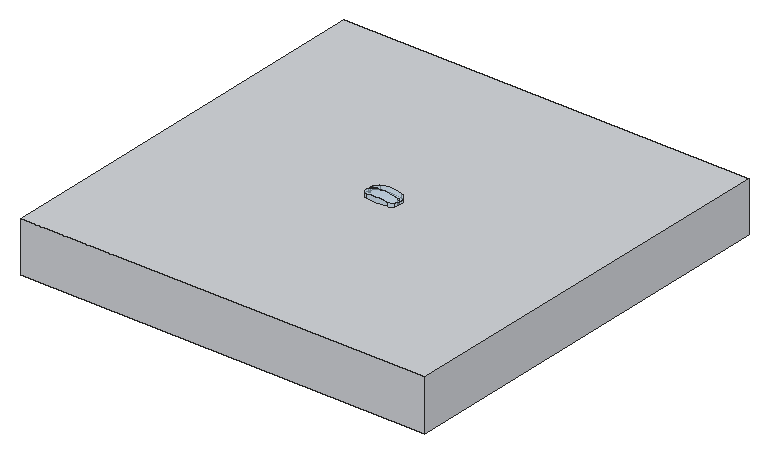
Revit family "GALAD Блистер LED", category Осветительные приборы, Revit 2018 (continued)
Parameters (values of type "GALAD Блистер LED-9 ECO IP30")
    .66 277.00 273.05 268.55 263.33 257.98 251.64 244.59 237.41 229.94 221.77 213.17 203.88 194.58 184.43 174.01 163.72 153.01 141.32 129.76 118.63 106.94 95.25 83.97 72.84 62.28 52.55 43.96 36.07 29.02 22.97 17.75 13.24 9.02 7.61 6.48 5.78 5.35 5.07 4.79 4.65 4.37 3.95 3.10 2.68 2.54 2.40 2.25 2.11 1.97 1.83 1.69 1.69 1.55 1.41 1.55 1.97 2.54 3.10 3.52 3.80 3.95 3.95 3.80 3.66 3.38 1.27 0.14 \r\n287.28 287.28 287.14 285.45 283.34 280.52 277.00 273.20 268.41 263.33 257.98 251.36 244.88 237.55 229.80 221.35 213.17 203.59 194.01 184.29 173.86 163.44 152.45 141.04 129.76 118.21 106.52 94.96 83.41 72.28 61.71 52.13 43.40 35.65 28.60 22.40 17.19 12.26 8.45 6.48 5.64 5.07 4.65 4.51 4.37 4.23 3.95 3.52 2.82 2.40 2.25 2.11 1.97 1.83 1.69 1.69 1.55 1.55 1.41 1.27 1.41 1.83 2.40 2.96 3.52 3.95 3.95 3.95 3.80 3.66 3.38 1.27 0.14 \r\n287.28 287.28 287.28 285.59 283.48 280.52 277.00 273.20 268.26 263.33 257.98 251.07 244.73 237.41 229.80 221.06 212.75 203.59 194.01 184.15 174.01 163.16 152.31 140.90 129.76 118.07 106.23 94.68 83.13 72.00 61.57 51.99 43.25 35.51 28.60 22.12 16.91 10.85 6.20 5.92 5.07 4.51 4.23 4.09 3.95 3.80 3.66 3.10 2.54 1.97 1.97 1.83 1.69 1.69 1.55 1.55 1.41 1.41 1.27 1.27 1.41 1.83 2.40 2.96 3.52 3.95 3.95 3.95 3.80 3.66 3.52 1.41 0.14 \r\n287.28 287.43 287.28 285.59 283.48 280.52 277.00 273.34 268.41 263.19 257.98 251.07 244.73 237.27 229.66 221.21 212.47 203.59 194.29 184.01 173.86 163.16 152.17 140.90 129.48 117.93 106.23 94.40 83.13 71.86 61.29 51.71 43.11 35.36 28.60 21.98 16.77 11.41 6.06 5.35 4.51 4.09 3.80 3.66 3.52 3.52 3.38 2.82 2.25 1.83 1.69 1.69 1.55 1.55 1.41 1.41 1.41 1.27 1.27 1.27 1.27 1.83 2.40 2.96 3.66 3.95 4.09 3.95 3.80 3.66 3.52 1.41 0.14 \r\n287.28 287.43 287.43 285.74 283.48 280.52 277.14 273.48 268.55 263.47 257.84 251.36 244.88 237.13 229.66 221.35 212.47 203.59 194.01 184.15 173.72 163.30 152.31 140.75 129.76 118.07 106.38 94.68 83.13 72.14 61.57 51.85 43.11 35.22 28.60 22.26 16.91 12.12 6.76 5.64 4.65 4.09 3.80 3.66 3.52 3.38 3.24 2.82 2.11 1.83 1.69 1.69 1.55 1.55 1.41 1.41 1.41 1.27 1.27 1.13 1.41 1.83 2.40 2.96 3.66 3.95 3.95 3.95 3.80 3.66 3.38 1.41 0.14 \r\n287.28 287.43 287.43 285.74 283.48 280.66 277.14 273.48 268.41 263.47 257.70 251.50 244.88 237.27 229.94 221.77 212.89 204.02 194.29 184.57 174.01 163.58 152.73 141.32 130.05 118.49 106.52 95.10 83.55 72.28 61.85 52.13 43.25 35.51 28.74 22.40 17.19 12.40 7.47 6.06 5.35 4.79 4.37 4.09 3.95 3.80 3.52 3.10 2.40 1.97 1.83 1.69 1.69 1.55 1.55 1.41 1.41 1.27 1.27 1.27 1.41 1.83 2.40 3.10 3.66 3.95 3.95 3.95 3.80 3.66 3.38 1.41 0.14 \r\n287.28 287.57 287.43 285.88 283.48 280.80 277.14 273.34 268.41 263.61 257.84 251.50 245.16 237.55 230.08 222.05 213.32 204.16 194.44 184.43 174.43 163.86 153.15 141.74 130.19 118.77 107.36 95.39 84.11 72.84 62.28 52.69 43.82 36.07 29.02 22.82 17.75 12.40 8.59 7.47 6.20 5.35 4.93 4.65 4.37 4.23 3.95 3.52 2.82 2.25 2.11 1.97 1.83 1.69 1.69 1.55 1.41 1.41 1.27 1.27 1.41 1.83 2.40 3.10 3.66 3.95 3.95 3.95 3.80 3.66 3.38 1.41 0.14 \r\n287.28 287.57 287.43 285.88 283.62 280.80 277.14 273.05 268.69 263.76 257.98 251.64 245.58 237.83 230.22 222.19 213.60 204.16 194.86 185.00 174.85 164.42 153.15 142.30 130.75 119.20 107.64 95.95 84.54 73.41 62.84 53.12 44.24 36.49 29.59 23.39 18.18 13.39 9.86 7.61 6.76 6.06 5.64 5.21 5.07 4.79 4.51 3.80 3.10 2.68 2.54 2.40 2.11 1.97 1.83 1.69 1.69 1.55 1.41 1.41 1.55 1.97 2.54 3.10 3.66 3.95 3.95 3.95 3.80 3.66 3.38 1.41 0.14 \r\n287.28 287.71 287.43 286.02 283.62 280.80 277.14 273.20 268.97 263.90 258.26 252.06 245.58 237.97 230.65 222.61 214.02 204.72 195.28 185.70 175.27 164.71 153.72 142.73 131.60 119.90 108.21 96.65 85.38 74.25 63.68 53.96 45.09 37.20 30.29 24.09 19.02 14.51 10.43 8.59 7.47 6.76 6.34 5.92 5.64 5.35 4.93 4.37 3.52 3.10 2.82 2.68 2.40 2.25 2.11 1.97 1.83 1.69 1.55 1.55 1.69 1.97 2.54 3.10 3.66 3.95 3.95 3.95 3.80 3.66 3.38 1.41 0.14 \r\n287.28 287.71 287.43 286.02 283.48 280.94 277.42 273.48 269.25 264.18 258.40 252.48 245.72 238.25 230.93 222.76 214.30 205.28 195.84 186.26 175.84 165.13 154.42 143.29 131.88 120.61 109.05 97.50 86.09 75.10 64.39 54.81 45.79 37.90 31.00 24.94 19.58 15.36 11.69 9.02 7.89 7.47 7.04 6.62 6.34 5.92 5.49 4.79 3.95 3.66 3.38 3.10 2.82 2.54 2.40 2.11 1.97 1.83 1.69 1.69 1.69 2.11 2.68 3.24 3.66 3.95 3.95 3.95 3.80 3.66 3.38 1.41 0.14 \r\n287.28 287.71 287.43 285.88 283.62 281.09 277.70 273.62 269.39 264.32 258.68 252.62 246.14 238.82 231.49 222.90 214.72 205.71 196.13 186.55 176.40 165.83 155.13 144.14 132.72 121.17 109.76 98.20 86.93 76.08 65.52 55.79 46.92 38.89 31.84 25.78 20.57 16.20 12.54 9.86 8.59 8.17 7.61 7.33 7.04 6.62 6.06 5.35 4.51 4.23 3.80 3.52 3.24 2.96 2.68 2.40 2.11 1.97 1.83 1.69 1.83 2.25 2.68 3.24 3.66 3.95 3.95 3.95 3.80 3.66 3.38 1.41 0.14 \r\n287.28 287.85 287.43 285.88 283.76 281.09 277.85 273.76 269.39 264.46 259.11 252.62 246.43 239.24 231.91 223.46 215.29 206.41 196.83 187.11 176.96 166.54 155.69 144.84 133.57 122.16 110.60 99.19 87.92 76.65 66.36 56.64 47.76 39.73 32.69 26.63 21.28 17.05 13.53 10.71 9.16 8.74 8.45 8.03 7.61 7.19 6.62 5.78 5.07 4.79 4.37 4.09 3.66 3.38 2.96 2.68 2.40 2.11 1.97 1.83 1.97 2.40 2.82 3.38 3.80 3.95 3.95 3.95 3.80 3.52 3.38 1.41 0.14 \r\n287.28 287.85 287.43 285.88 283.90 280.94 277.85 273.90 269.67 264.88 258.97 253.05 246.85 239.38 232.20 224.16 215.43 206.97 197.39 187.95 177.53 167.10 156.39 145.54 134.27 123.00 111.31 99.89 88.48 77.49 67.21 57.63 48.75 40.72 33.67 27.47 22.40 18.03 14.51 11.69 9.86 9.44 9.16 8.88 8.31 7.89 7.33 6.34 5.78 5.35 4.93 4.51 4.09 3.66 3.38 2.96 2.68 2.40 2.11 1.97 2.25 2.54 2.96 3.38 3.80 3.95 3.95 3.95 3.80 3.52 3.38 1.41 0.14 \r\n287.28 287.99 287.43 285.88 283.90 280.94 277.85 273.90 270.10 265.02 259.25 253.47 247.27 239.94 232.62 224.59 216.13 207.26 197.96 188.38 178.23 167.52 157.10 145.97 134.84 123.56 112.15 100.74 89.47 78.48 68.19 58.61 49.74 41.70 34.66 28.46 23.25 18.88 15.36 12.54 10.57 10.00 9.86 9.58 9.16 8.45 7.75 6.90 6.34 5.78 5.35 4.93 4.65 4.23 3.80 3.38 2.96 2.68 2.25 2.25 2.40 2.68 3.10 3.52 3.80 3.95 3.95 3.95 3.80 3.52 3.38 1.41 0.14 \r\n287.28 287.99 287.43 285.88 283.90 281.23 277.99 274.18 270.24 265.16 259.81 253.75 247.55 240.37 232.76 225.01 216.70 207.82 198.66 188.94 178.65 168.37 158.08 146.95 135.54 124.41 112.86 101.59 90.60 79.75 69.32 59.60 50.72 42.83 35.65 29.45 24.23 19.87 16.34 13.53 11.41 10.71 10.43 10.29 9.86 9.16 8.31 7.33 6.76 6.34 5.92 5.49 4.93 4.51 4.09 3.66 3.38 2.96 2.54 2.40 2.54 2.82 3.24 3.66 3.95 3.95 3.95 3.95 3.80 3.52 3.38 1.55 0.14 \r\n287.28 288.13 287.57 285.88 284.04 281.37 278.27 274.46 270.38 265.45 260.09 254.17 247.83 240.65 233.32 225.57 217.12 208.38 199.08 189.22 179.50 169.21 158.37 147.38 136.53 125.11 113.84 102.43 91.30 80.73 70.31 60.58 51.85 43.82 36.63 30.43 25.08 20.71 17.19 14.37 12.26 11.13 10.99 10.99 10.71 10.00 8.88 7.89 7.33 6.90 6.34 5.92 5.35 4.93 4.51 4.09 3.66 3.24 2.82 2.68 2.82 3.10 3.38 3.66 3.95 3.95 3.95 3.95 3.80 3.52 3.38 1.55 0.14 \r\n287.28 288.13 287.57 286.02 284.04 281.65 278.55 274.75 270.38 265.59 260.23 254.32 248.12 241.21 233.60 226.14 217.68 208.81 199.65 190.07 180.06 169.78 159.07 148.36 137.23 126.10 114.55 103.28 92.29 81.44 71.15 61.57 52.84 44.80 37.62 31.42 26.07 21.70 18.18 15.36 13.24 11.69 11.55 11.55 11.41 10.85 9.72 8.59 7.89 7.33 6.76 6.20 5.78 5.21 4.79 4.37 3.95 3.52 3.24 3.10 3.10 3.24 3.52 3.80 3.95 3.95 3.95 3.80 3.66 3.52 3.38 1.55 0.14 \r\n287.28 288.27 287.71 286.16 284.33 281.79 278.69 274.89 270.66 266.01 260.66 254.60 248.68 241.63 234.17 226.42 217.96 209.51 200.21 190.91 180.77 170.48 159.77 148.93 137.80 126.66 115.39 104.12 93.13 82.56 72.28 62.70 53.96 45.79 38.61 32.41 27.05 22.68 19.16 16.20 13.95 12.26 11.69 11.98 11.98 11.41 10.57 9.44 8.45 7.89 7.19 6.62 6.06 5.64 5.07 4.65 4.23 3.80 3.52 3.52 3.52 3.52 3.66 3.80 3.95 4.09 3.95 3.80 3.66 3.52 3.38 1.55 0.14 \r\n287.28 288.27 287.71 286.30 284.47 281.79 278.69 275.03 270.94 266.29 260.94 255.16 248.96 242.06 234.73 226.84 218.67 209.93 200.78 191.34 181.33 171.33 160.62 149.91 138.64 127.51 116.38 105.11 94.12 83.41 73.27 63.68 54.95 46.78 39.73 33.39 28.04 23.67 20.01 17.05 14.79 13.10 12.26 12.40 12.54 11.98 11.27 10.14 9.16 8.17 7.47 6.90 6.48 5.92 5.35 4.93 4.51 4.09 3.95 3.80 3.80 3.80 3.80 3.95 4.09 4.09 3.95 3.80 3.66 3.52 3.38 1.55 0.14 \r\n287.28 288.41 287.71 286.30 284.47 281.93 278.83 275.31 271.22 266.43 261.36 255.72 249.24 242.48 235.15 227.40 219.09 210.36 201.20 191.76 182.04 171.89 161.18 150.48 139.63 128.36 117.22 106.09 95.10 84.40 74.25 64.81 55.94 47.90 40.72 34.38 29.02 24.52 20.85 17.89 15.64 13.81 12.68 12.68 12.82 12.54 11.98 11.13 9.86 8.88 8.03 7.33 6.76 6.20 5.64 5.21 4.65 4.37 4.23 4.23 4.23 4.09 4.09 4.09 4.09 4.09 3.95 3.80 3.66 3.52 3.24 1.55 0.14 \r\n287.28 288.41 287.85 286.44 284.47 281.93 278.97 275.59 271.36 266.71 261.64 255.87 249.67 242.76 235.44 227.97 219.66 211.06 201.90 192.46 182.60 172.46 161.89 151.04 140.33 129.20 117.79 106.66 95.81 85.10 75.10 65.66 56.78 48.89 41.70 35.36 30.01 25.50 21.70 18.74 16.34 14.65 13.39 12.96 13.39 13.24 12.68 11.84 10.57 9.30 8.31 7.61 7.04 6.48 5.92 5.35 4.93 4.65 4.65 4.65 4.65 4.51 4.37 4.23 4.09 4.09 3.95 3.80 3.66 3.52 3.24 1.41 0.14 \r\n287.28 288.55 287.99 286.44 284.61 282.07 279.39 275.87 271.79 267.14 261.78 256.01 249.81 243.33 236.00 228.39 220.22 211.62 202.61 193.31 183.30 172.88 162.45 151.74 141.04 129.76 118.49 107.64 96.94 86.37 76.08 66.64 58.05 50.02 42.83 36.49 31.00 26.49 22.68 19.58 17.19 15.36 13.95 13.24 13.67 13.81 13.24 12.26 11.13 10.00 8.88 8.03 7.33 6.76 6.20 5.64 5.21 5.07 4.93 4.93 4.93 4.79 4.51 4.37 4.23 4.09 3.95 3.80 3.66 3.52 3.24 1.41 0.14 \r\n287.28 288.55 287.99 286.44 284.61 282.21 279.68 276.15 272.07 267.56 262.35 256.85 250.37 244.03 236.70 228.95 220.78 212.47 203.17 193.73 184.01 173.86 163.58 152.73 141.88 130.75 119.62 108.63 97.64 87.21 77.21 67.77 59.04 51.00 43.82 37.48 31.98 27.33 23.39 20.29 17.89 16.06 14.65 13.81 14.09 14.23 13.53 12.68 11.55 10.43 9.16 8.31 7.61 7.04 6.48 5.92 5.64 5.35 5.35 5.35 5.21 5.07 4.79 4.51 4.23 4.09 3.95 3.80 3.66 3.52 3.24 1.41 0.14 \r\n287.28 288.69 288.13 286.58 284.75 282.35 279.82 276.30 272.07 267.84 262.77 257.42 251.07 244.45 237.13 229.38 221.49 213.17 204.02 194.29 184.71 174.57 164.14 153.43 142.59 131.60 120.47 109.48 98.63 88.34 78.34 68.76 60.02 52.13 44.95 38.46 32.97 28.18 24.23 21.13 18.60 16.63 15.22 14.23 13.95 14.23 13.95 13.10 12.12 10.99 9.72 8.59 7.89 7.19 6.62 6.20 5.92 5.78 5.78 5.64 5.49 5.35 5.07 4.65 4.23 4.09 3.95 3.80 3.52 3.38 3.24 1.41 0.14 \r\n287.28 288.69 288.13 286.72 284.89 282.49 279.68 276.44 272.35 267.98 262.91 257.56 251.36 244.73 237.55 230.08 221.77 213.17 204.30 195.00 185.14 175.27 164.99 154.14 143.01 132.16 121.03 109.90 99.05 88.76 78.90 69.46 60.87 52.84 45.65 39.17 33.67 29.02 25.08 21.84 19.30 17.19 15.78 14.65 14.23 14.37 14.09 13.39 12.40 11.27 10.14 8.88 8.03 7.33 6.76 6.48 6.20 6.20 6.06 5.92 5.78 5.64 5.21 4.79 4.37 4.09 3.95 3.66 3.52 3.38 3.10 1.41 0.14 \r\n287.28 288.83 288.27 286.72 285.03 282.64 279.82 276.58 272.77 268.41 263.05 257.56 251.50 245.02 237.83 230.36 222.33 213.88 204.72 195.28 185.70 175.70 165.13 154.56 143.71 132.44 121.45 110.74 100.04 89.61 79.75 70.45 61.85 53.96 46.78 40.30 34.66 30.01 25.92 22.54 20.01 17.89 16.20 15.08 14.37 14.51 14.37 13.53 12.54 11.55 10.29 9.16 8.17 7.61 7.19 6.90 6.62 6.48 6.34 6.20 6.06 5.78 5.35 4.93 4.51 4.09 3.95 3.66 3.52 3.38 3.10 1.41 0.14 \r\n287.28 288.83 288.41 286.86 285.03 282.78 280.10 276.86 273.05 268.55 263.33 257.84 251.78 245.16 238.11 230.65 222.61 214.30 205.28 195.99 186.55 176.26 165.69 155.13 144.42 133.43 122.44 111.73 100.88 90.45 80.59 71.29 62.56 54.53 47.48 41.14 35.51 30.57 26.49 23.11 20.43 18.32 16.77 15.50 14.51 14.37 14.23 13.53 12.54 11.55 10.57 9.44 8.45 7.89 7.47 7.33 7.04 6.90 6.76 6.62 6.34 5.92 5.49 5.07 4.51 4.09 3.95 3.66 3.52 3.38 3.10 1.41 0.14 \r\n287.28 288.83 288.55 286.86 285.17 282.92 280.38 277.00 273.20 268.55 263.61 258.12 252.06 245.72 238.54 230.93 223.32 214.58 205.71 196.41 186.69 176.68 166.40 155.83 144.98 134.27 123.14 112.01 101.44 91.16 81.30 72.14 63.54 55.65 48.47 42.13 36.49 31.56 27.33 23.95 21.13 18.88 17.19 15.78 14.65 14.23 13.95 13.39 12.54 11.69 10.71 9.72 8.74 8.17 7.89 7.61 7.33 7.19 7.04 6.76 6.48 6.06 5.64 5.07 4.51 4.09 3.80 3.66 3.52 3.38 3.10 1.41 0.14 \r\n287.28 288.83 288.69 287.14 285.17 282.92 280.38 277.14 273.20 268.69 263.76 258.26 252.20 246.14 239.24 231.35 223.46 215.15 206.13 196.83 187.25 177.25 167.10 156.68 145.69 134.70 123.71 112.86 102.15 91.86 82.14 72.98 64.39 56.36 49.17 42.69 37.06 32.12 28.04 24.52 21.70 19.44 17.61 15.92 14.51 13.95 13.81 13.39 12.54 11.69 10.85 10.00 9.16 8.59 8.31 8.03 7.75 7.47 7.19 7.04 6.62 6.20 5.78 5.21 4.65 4.09 3.80 3.66 3.52 3.38 2.96 1.27 0.14 \r\n287.28 288.83 288.83 287.28 285.17 282.92 280.38 277.14 273.34 268.97 264.32 258.68 252.62 246.28 239.24 231.77 223.60 215.43 206.69 197.53 187.81 177.81 167.38 156.82 145.97 135.26 124.41 113.56 103.14 92.85 82.99 73.83 65.23 57.34 50.16 43.68 37.90 32.97 28.74 25.08 22.26 19.87 17.89 16.06 14.51 13.53 13.24 12.96 12.40 11.69 10.99 10.29 9.58 9.02 8.59 8.31 8.03 7.75 7.47 7.19 6.76 6.34 5.92 5.21 4.65 4.09 3.80 3.52 3.52 3.38 2.96 1.27 0.14 \r\n287.28 288.83 288.98 287.43 285.45 283.06 280.38 277.14 273.48 269.25 264.60 259.25 253.33 246.85 239.66 232.20 224.16 215.99 207.26 197.96 188.24 178.23 168.09 157.52 146.81 135.96 124.97 114.12 103.42 93.27 83.69 74.39 65.80 57.91 50.72 44.24 38.46 33.53 29.31 25.64 22.68 20.29 18.03 15.92 14.23 13.24 13.24 12.96 12.40 11.69 11.13 10.57 10.00 9.30 8.88 8.59 8.17 7.89 7.47 7.19 6.90 6.48 5.92 5.35 4.65 4.09 3.80 3.52 3.38 3.38 2.96 1.27 0.14 \r\n287.28 288.83 289.12 287.71 285.59 283.20 280.52 277.42 273.62 269.53 264.74 259.11 253.47 246.99 239.94 232.62 224.73 216.41 207.54 198.52 188.80 178.65 168.65 158.08 147.24 136.39 125.68 114.83 104.40 94.26 84.40 75.24 66.64 58.75 51.57 45.09 39.31 34.24 29.87 26.21 23.25 20.71 18.60 16.20 13.95 12.54 12.26 12.40 12.26 11.84 11.41 10.85 10.29 9.58 9.16 8.74 8.45 8.03 7.61 7.33 6.90 6.48 5.92 5.35 4.79 4.23 3.80 3.52 3.38 3.38 2.82 1.27 0.14 \r\n287.28 288.83 289.12 287.85 286.02 283.62 280.80 277.56 273.90 269.67 265.02 259.53 253.47 247.13 240.23 232.76 225.15 216.98 208.10 198.80 189.22 179.50 169.07 158.65 147.94 137.09 126.10 115.39 104.69 94.54 84.82 75.66 67.21 59.32 52.13 45.65 39.87 34.80 30.29 26.63 23.53 20.99 18.88 16.48 13.95 12.26 11.84 12.26 12.40 11.98 11.55 11.13 10.43 9.86 9.30 8.88 8.45 8.03 7.61 7.33 6.90 6.48 6.06 5.49 4.79 4.23 3.66 3.52 3.38 3.38 2.82 1.27 0.14 \r\n287.28 288.83 289.12 287.99 286.16 284.04 280.94 277.70 274.04 269.67 265.02 259.81 254.03 247.69 240.79 233.18 225.43 216.98 208.38 199.23 189.64 179.78 169.78 158.93 148.08 137.51 126.66 115.96 105.39 95.25 85.52 76.37 67.77 60.02 52.69 46.21 40.58 35.36 30.86 27.05 23.95 21.42 19.16 16.63 13.95 12.26 11.41 11.84 12.26 11.98 11.55 11.13 10.71 10.00 9.44 9.02 8.59 8.17 7.75 7.33 6.90 6.62 6.06 5.49 4.79 4.23 3.66 3.52 3.38 3.38 2.68 1.13 0.14 \r\n287.28 288.83 289.12 287.99 286.44 284.33 281.37 277.99 274.32 269.81 264.88 259.81 254.32 247.69 240.79 233.46 225.57 217.26 208.67 199.51 189.93 180.06 170.06 159.49 148.79 137.94 127.09 116.38 105.95 95.67 85.95 76.79 68.47 60.58 53.26 46.78 40.86 35.79 31.28 27.47 24.37 21.84 19.58 17.19 14.23 11.98 10.99 11.41 11.98 11.69 11.13 10.99 10.57 10.00 9.44 9.02 8.59 8.17 7.75 7.33 6.90 6.48 6.06 5.49 4.79 4.23 3.66 3.52 3.38 3.38 2.68 1.13 0.14 \r\n287.28 288.69 289.12 287.99 286.44 284.61 281.65 278.41 274.75 270.24 265.45 260.23 254.32 247.83 241.21 233.89 226.00 217.82 209.09 199.93 190.49 180.63 170.48 160.06 149.21 138.50 127.79 116.94 106.38 96.09 86.51 77.49 68.90 61.01 53.68 47.20 41.56 36.35 31.70 27.76 24.66 21.98 19.44 16.63 13.81 11.55 10.43 10.99 11.69 11.55 11.27 10.99 10.71 10.14 9.44 9.02 8.74 8.17 7.75 7.33 6.90 6.62 6.06 5.49 4.79 4.23 3.66 3.52 3.38 3.38 2.68 1.13 0.14 \r\n287.28 288.69 289.12 287.99 286.44 284.47 281.79 278.83 275.45 271.22 266.29 260.94 254.88 248.12 241.35 234.17 226.28 218.11 209.65 200.35 190.63 180.91 170.76 160.34 14
    9.77 139.06 128.07 117.37 106.80 96.65 86.93 77.63 69.18 61.29 54.24 47.62 41.85 36.63 31.98 28.04 24.80 22.12 19.58 16.77 13.53 11.13 9.44 10.00 11.13 11.27 11.13 10.99 10.71 10.14 9.58 9.02 8.59 8.17 7.75 7.33 6.90 6.62 6.20 5.64 4.93 4.23 3.66 3.38 3.38 3.38 2.54 0.99 0.14 \r\n287.28 288.69 289.12 287.99 286.58 284.47 281.93 279.11 275.73 271.50 266.29 261.08 255.30 249.10 242.20 234.59 226.70 218.53 209.93 200.49 191.19 181.33 170.91 160.34 149.77 139.20 128.36 117.51 107.08 96.94 87.21 78.06 69.60 61.71 54.53 48.05 42.13 36.91 32.26 28.32 24.94 22.40 20.01 16.91 13.10 10.85 9.30 9.86 11.13 11.27 10.99 10.99 10.85 10.14 9.58 9.02 8.74 8.17 7.75 7.33 6.90 6.62 6.20 5.64 4.93 4.23 3.66 3.38 3.38 3.24 2.54 0.99 0.14 \r\n287.28 288.69 289.12 288.13 286.58 284.47 281.93 279.11 275.31 271.08 266.29 261.22 255.30 249.10 242.34 235.01 227.12 218.81 210.07 200.92 191.19 181.33 171.33 160.90 149.91 139.06 128.36 117.51 107.08 96.79 87.07 78.06 69.60 61.71 54.53 47.90 42.13 36.77 32.12 28.32 24.94 22.26 19.87 16.91 13.24 10.71 9.44 9.72 10.71 11.13 10.85 10.85 10.71 10.14 9.58 9.16 8.74 8.31 7.89 7.47 7.04 6.62 6.20 5.64 4.93 4.23 3.66 3.38 3.38 3.24 2.40 0.99 0.14 \r\n287.28 288.69 289.12 288.27 286.72 284.61 282.07 279.11 275.59 271.36 266.57 261.50 255.87 249.38 242.62 235.29 227.55 219.23 210.07 200.92 191.62 182.18 171.89 161.18 150.62 140.05 129.34 118.49 108.07 97.92 88.06 78.90 70.31 62.56 55.23 48.61 42.83 37.48 32.69 28.74 25.36 22.68 20.29 17.19 13.53 10.85 9.72 9.16 10.00 10.85 10.85 10.71 10.71 10.29 9.72 9.16 8.74 8.31 7.89 7.33 7.04 6.62 6.20 5.64 4.93 4.23 3.66 3.38 3.38 3.24 2.40 0.85 0.14 \r\n"
  Неравномерность яркости = 0
  built-in parameter 1150133 = 10 (stored number, unit not read)
  Wattage = 4.77979 W
  Материал рассеивателя = ПММА
  Материал корпуса = ПММА
  Коэффициент пульсации = "менее 5%"  # constant formula
  built-in parameter 1150139 = (empty or 0)
  Климатическое исполнение = "1…35 °С"  # constant formula
  Климатическая зона = "УХЛ4"  # constant formula
  Класс светораспределения = "П"  # constant formula
  Класс защиты от поражения электрическим током = "1"  # constant formula
  Класс Защиты = "1"  # constant formula
  built-in parameter 1150138 = (empty or 0)
  built-in parameter 1150107 = 5000 (stored number, unit not read)
  built-in parameter 1150102 = (empty or 0)
  Emit from Rectangle Width = 609.6 mm
  Emit from Rectangle Length = 1219.2 mm
  Изготовитель = "АО «КАДОШКИНСКИЙ ЭЛЕКТРОТЕХНИЧЕСКИЙ ЗАВОД»"  # constant formula
  Диапазон цветовой температуры = "5028±283"  # constant formula
  Группа модели = "Светильники"  # constant formula
  Возможный угол наклона = "0"  # constant formula
  Видимая форма излучения при визуализации = no
  Блок аварийного питания = 0 = 1  # no
  URL = "https://galad.ru/catalog/indoor/zhkh/blister/galad-blister-led-9-eco-ip30/"
  IP = "30"
  ADSK_Энергоэффективность = 79 lm/W  # constant formula
  ADSK_Ток = ADSK_Номинальная мощность / (ADSK_Коэффициент мощности * ADSK_Напряжение * sqrt(ADSK_Количество фаз))  # 0.0411899 A
  ADSK_Размер_Ширина = 118 mm
  ADSK_Размер_Длина = 200 mm
  ADSK_Размер_Высота = 40 mm
  ADSK_Примечание = ""
  ADSK_Полная мощность = ADSK_Номинальная мощность / ADSK_Коэффициент мощности  # 9.47368 VA
  ADSK_Позиция = ""
  ADSK_Обозначение = "ГОСТ 15150-69"  # constant formula
  ADSK_Номинальная мощность = 9 VA  # constant formula
  ADSK_Напряжение = 230 V  # constant formula
  ADSK_Наименование краткое = "GALAD Блистер LED-9 ECO IP30"
  ADSK_Наименование = "GALAD Блистер LED-9 ECO IP30"
  ADSK_Масса_Текст = "0.3"  # constant formula
  ADSK_Масса = 0.3  # constant formula
  ADSK_Марка = ADSK_Наименование  # "GALAD Блистер LED-9 ECO IP30"
  ADSK_Коэффициент мощности = 0.95  # constant formula
  ADSK_Количество фаз = 1  # constant formula
  ADSK_Количество = 1  # constant formula
  ADSK_Код изделия = "16443"
  ADSK_Классификация нагрузок = Освещение
  ADSK_Завод-изготовитель = Изготовитель  # "АО «КАДОШКИНСКИЙ ЭЛЕКТРОТЕХНИЧЕСКИЙ ЗАВОД»"
  ADSK_Единица измерения = "шт."  # constant formula
  ADSK_Группирование = ""
  ADSK_Версия семейства = "1.01"  # constant formula
  ADSK_Версия Revit = "2018"  # constant formula
Reference planes
  plane 1 "По центру (Вперед/Назад)": y = 0
  plane 2: z = 0
  plane 3 "По центру (Влево/Вправо)": x = 0
  plane 4: y = 59
  plane 5: y = -59
  plane 6: x = -100
  plane 7: x = 100
  plane 8: z = 40
Forms (mm)
  Extrusion 1, solid
    sketch origin (0, 0, 0) x (1, 0, 0) y (0, 1, 0)
      loop
        line (-1219.2, 1219.2) -> (-1219.2, -1219.2) -> (1219.2, -1219.2) -> (1219.2, 1219.2) -> (-1219.2, 1219.2)
    from 0 to -304.8
  Revolve 2, solid, material "ПММА" <- "Материал рассеивателя", detail levels medium+fine
    sketch origin (0, 0, 0) x (1, 0, 0) y (0, 0, 1)
      loop
        arc (135.564, 0) -> (70.67, 29.806) -> (0, 40.073) r 250.273
        line (0, 40.073) -> (0, 0) -> (135.564, 0)
      axis (0, 0) -> (0, 40.073)
    angle from 0 to 360
  Extrusion 3, void
    sketch origin (0, 0, 0) x (1, 0, 0) y (0, 1, 0)
      loop
        arc (-64.034, 53.686) -> (-79.047, 47.692) -> (-90.097, 35.894) r 37.181
        arc (-90.097, 35.894) -> (-100, 0) -> (-90.097, -35.894) r 70
        arc (-90.097, -35.894) -> (-79.047, -47.692) -> (-64.034, -53.686) r 37.181
        arc (-64.034, -53.686) -> (0, -59) -> (64.034, -53.686) r 388.497
        arc (64.034, -53.686) -> (79.047, -47.692) -> (90.097, -35.894) r 37.181
        arc (90.097, -35.894) -> (100, 0) -> (90.097, 35.894) r 70
        arc (90.097, 35.894) -> (79.047, 47.692) -> (64.034, 53.686) r 37.181
        arc (64.034, 53.686) -> (0, 59) -> (-64.034, 53.686) r 388.497
      loop
        circle (0, 0) r 135.564
    from 0 to 40
  Extrusion 4, void
    sketch origin (0, 0, 0) x (1, 0, 0) y (0, 1, 0)
      loop
        circle (-86.619, 0.012) r 5.444
      loop
        circle (86.103, 0.012) r 5.444
    from 2.001 to 40
  Extrusion 5, solid, material "ПММА" <- "Материал рассеивателя", detail levels coarse
    sketch origin (0, 0, 0) x (1, 0, 0) y (0, 1, 0)
      loop
        line (-100, 59) -> (-100, -59) -> (100, -59) -> (100, 59) -> (-100, 59)
    from 0 to 40
Cuts and joins
  Extrusion 3, Extrusion 4 cuts Revolve 2
Dimensions and locks
  equal spacing: plane 6, plane 3 "По центру (Влево/Вправо)", plane 7
  equal spacing: plane 4, plane 1 "По центру (Вперед/Назад)", plane 5
  "ADSK_Размер_Ширина": plane 4 to plane 5
  "ADSK_Размер_Длина": plane 6 to plane 7
  "ADSK_Размер_Высота": plane 8 to level
  aligned and locked: plane 2 to Extrusion 1
  aligned and locked: level to Extrusion 1
Automatic sketch dimensions
  Extrusion 1 sketch curve to Extrusion 1 sketch curve = 2438.4 mm  (x2)
  Revolve 2 sketch curve to plane 3 "По центру (Влево/Вправо)" = 0 mm  (x2)
  Revolve 2 sketch curve to level = 0 mm
  Revolve 2 sketch curve to plane 3 "По центру (Влево/Вправо)" = 0.276 mm
  plane 7 to Revolve 2 sketch curve = 35.564 mm
  Revolve 2 sketch curve to level = 210.2 mm
  Revolve 2 sketch curve to Revolve 2 sketch curve = 24.927 mm
  Revolve 2 sketch curve to Revolve 2 sketch curve = 33.127 mm
  plane 1 "По центру (Вперед/Назад)" to Extrusion 3 sketch curve = 0 mm  (x3)
  Extrusion 3 sketch curve to plane 3 "По центру (Влево/Вправо)" = 0 mm  (x3)
  Extrusion 3 sketch curve to Extrusion 3 sketch curve = 30 mm
  Extrusion 3 sketch curve to plane 1 "По центру (Вперед/Назад)" = 16.985 mm  (x2)
  Extrusion 3 sketch curve to Extrusion 3 sketch curve = 28.083 mm  (x4)
  plane 1 "По центру (Вперед/Назад)" to Extrusion 3 sketch curve = 16.985 mm  (x2)
  plane 3 "По центру (Влево/Вправо)" to Extrusion 3 sketch curve = 30 mm
  Extrusion 3 sketch curve to plane 5 = 270.497 mm
  plane 4 to Extrusion 3 sketch curve = 270.497 mm
  plane 5 to Extrusion 3 sketch curve = 5.314 mm  (x2)
  plane 6 to Extrusion 3 sketch curve = 35.966 mm
  Extrusion 3 sketch curve to plane 4 = 5.314 mm  (x2)
  Extrusion 3 sketch curve to Extrusion 3 sketch curve = 5.951 mm
  plane 6 to Extrusion 3 sketch curve = 9.903 mm
  Extrusion 3 sketch curve to plane 7 = 9.903 mm
  Extrusion 5 sketch curve to plane 5 = 0 mm
  Extrusion 5 sketch curve to plane 6 = 0 mm
  Extrusion 5 sketch curve to plane 7 = 0 mm
  Extrusion 5 sketch curve to plane 4 = 0 mm
  radius of Extrusion 3 sketch curve = 135.564 mm
Connectors
  electrical at (0, 0, 0), driven by "ADSK_Классификация нагрузок", driven by "ADSK_Напряжение", driven by "ADSK_Полная мощность", driven by "ADSK_Коэффициент мощности"
    settings: index 1, voltage 230 V, apparent load 9.47368 VA, apparent load phase1 0 VA, apparent load phase2 0 VA, apparent load phase3 0 VA, power factor 0.95, load classification "Освещение", number of poles 1, system type 30, power factor state 1, is connector primary yes, connector utility no, sub classification motor no, connector description ""
